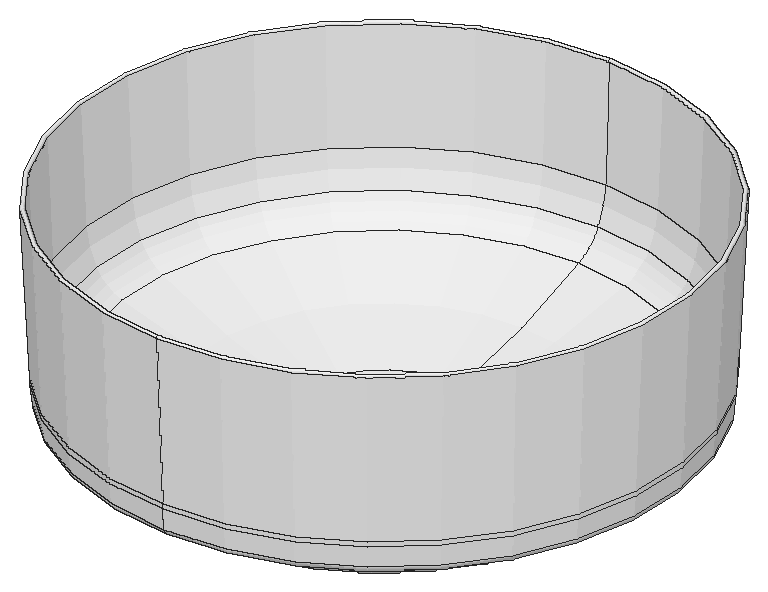
Revit family "Reece_Basin_Roca_Inspira_Above Counter Basin_Round _370 mm", category Plumbing Fixtures, host Face, Revit 2018
Family settings
  Host = Face
  Round Connector Dimension = Use Diameter
  Part Type = Normal
  Cut with Voids When Loaded = No
  Shared = Yes
  Room Calculation Point = Yes
Parameters (values of type "No Taphole_FINECERAMIC_White")
  WFU = 0  # constant formula
  URL = "https://www.reece.com.au/product/-9507158"
  Type Comments = "Basin"
  Reece_Product_Web Page = "https://www.reece.com.au/product/-9507158"
  Reece_Product_Type = "Basin"  # constant formula
  Reece_Product_Sub Brand = "Inspira"  # constant formula
  Reece_Product_Number = "9507158"
  Reece_Product_Mount = "Above Counter"
  Reece_Product_Description = "Roca Inspira Round Above Counter Basin 370mm x 370mm Gloss White"
  Reece_Product_Brand = "Roca"  # constant formula
  Reece_Overall_Width = 370 mm  # constant formula
  Reece_Overall_Length = 370 mm  # constant formula
  Reece_Overall_Height = 140 mm  # constant formula
  Reece_Overall_Capacity = 11.20 L  # constant formula
  Reece_Material-Main = Reece_FINECERAMIC_White
  Reece_Detail_Installation = "Above Counter Basin"  # constant formula
  Reece_Detail_Disclaimer = "THIS FILE IS THE PROPERTY OF THE REECE GROUP. IT MAY NOT BE REPRODUCED, REVERSE-ENGINEERED OR MODIFIED. ANY REPUBLICATION, TRANSMISSION OR DISTRIBUTION FOR THE PURPOSE OF COMMERCIALLY EXPLOITING THE FILES IS PROHIBITED."  # constant formula
  Reece_Detail_Connector = "No Taphole"  # constant formula
  Reece_Detail_Additional = "Round"  # constant formula
  Reece_Basin_Outlet = 46 mm  # constant formula
  Model = "Inspira"
  Manufacturer = "Roca"
  Keynote = "Product #9507158, Reece_Basin_Roca_Inspira_Above Counter Basin_Round _370 mm - No Taphole_FINECERAMIC_White"
  HWFU = 0  # constant formula
  Disclaimer = "THIS FILE IS THE PROPERTY OF THE REECE GROUP. IT MAY NOT BE REPRODUCED, REVERSE-ENGINEERED OR MODIFIED. ANY REPUBLICATION, TRANSMISSION OR DISTRIBUTION FOR THE PURPOSE OF COMMERCIALLY EXPLOITING THE FILES IS PROHIBITED."  # constant formula
  Description = "Roca Inspira Round Above Counter Basin 370mm x 370mm Gloss White"
  Default Elevation = 1000 mm
  CWFU = 0  # constant formula
Types (4, lengths in mm): name | URL | Reece_Product_Web Page | Reece_Product_Number | Reece_Product_Description | Reece_Material-Main | Keynote | Description
  (no name) | "https://www.reece.com.au/product/-1806217" | "https://www.reece.com.au/product/-1806217" | "1806217" | "Roca Inspira Round Above Counter Basin 370mm x 370mm Matte White" | Reece_FINECERAMIC_Matte White | "Product #1806217, Reece_Basin_Roca_Inspira_Above Counter Basin_Round _370 mm -  " | "Roca Inspira Round Above Counter Basin 370mm x 370mm Matte White"
  No Taphole_FINECERAMIC_White | "https://www.reece.com.au/product/-9507158" | "https://www.reece.com.au/product/-9507158" | "9507158" | "Roca Inspira Round Above Counter Basin 370mm x 370mm Gloss White" | Reece_FINECERAMIC_White | "Product #9507158, Reece_Basin_Roca_Inspira_Above Counter Basin_Round _370 mm - No Taphole_FINECERAMIC_White" | "Roca Inspira Round Above Counter Basin 370mm x 370mm Gloss White"
  No Taphole_FINECERAMIC_Matte White | "https://www.reece.com.au/product/-1806217" | "https://www.reece.com.au/product/-1806217" | "1806217" | "Roca Inspira Round Above Counter Basin 370mm x 370mm Matte White" | Reece_FINECERAMIC_Matte White | "Product #1806217, Reece_Basin_Roca_Inspira_Above Counter Basin_Round _370 mm - No Taphole_FINECERAMIC_Matte White" | "Roca Inspira Round Above Counter Basin 370mm x 370mm Matte White"
  No Taphole_FINECERAMIC_Matte Black | "https://www.reece.com.au/product/-1806211" | "https://www.reece.com.au/product/-1806211" | "1806211" | "Roca Inspira Round Above Counter Basin 370mm x 370mm Matte Black" | Reece_FINECERAMIC_Matte Black | "Product #1806211, Reece_Basin_Roca_Inspira_Above Counter Basin_Round _370 mm - No Taphole_FINECERAMIC_Matte Black" | "Roca Inspira Round Above Counter Basin 370mm x 370mm Matte Black"
Reference planes
  plane 1 "Center (Front/Back)": y = -79.125
  plane 2 "Bottom": z = 0
  plane 3 "Center (Left/Right)": x = 0
  plane 4: y = 105.875
  plane 5: x = 185
  plane 6: x = -185
  plane 7: y = -264.125
  plane 8: z = 140
Forms (mm)
  Revolve 1, solid, material "Reece_FINECERAMIC_White" <- "Reece_Material-Main"
    sketch origin (0, 0, 0) x (0, 1, 0) y (0, 0, 1)
      loop
        arc (-35.088, -4.755) -> (-37.793, -12.884) -> (-45.225, -17.144) r 12.015
        arc (-45.225, -17.144) -> (-52.743, -21.171) -> (-56.125, -29) r 12.944
        line (-56.125, -29) -> (-51.908, -29)
        arc (-51.908, -29) -> (-49.547, -23.903) -> (-44.572, -21.293) r 8.744
        arc (-44.572, -21.293) -> (-34.571, -15.579) -> (-30.888, -4.664) r 16.215
        arc (-30.888, -4.664) -> (-30.279, -3.025) -> (-28.689, -2.298) r 2.282
        arc (-28.689, -2.298) -> (-21.763, -1.957) -> (-14.849, -1.423) r 248.956
        arc (-14.849, -1.423) -> (-1.592, 0.141) -> (11.564, 2.405) r 252.201
        arc (11.564, 2.405) -> (16.464, 4.563) -> (21.001, 1.719) r 5.717
        arc (21.001, 1.719) -> (22.26, 0.461) -> (23.979, 0) r 3.439
        line (23.979, 0) -> (59.972, 0)
        arc (59.972, 0) -> (61.334, 0.564) -> (61.898, 1.926) r 1.926
        line (61.898, 1.926) -> (61.898, 7.538)
        arc (61.898, 7.538) -> (62.905, 10.547) -> (65.52, 12.344) r 5
        line (65.52, 12.344) -> (96.008, 21.087)
        arc (96.008, 21.087) -> (98.417, 22.629) -> (99.587, 25.24) r 5
        arc (99.587, 25.24) -> (100.31, 31.39) -> (100.862, 37.557) r 222.161
        arc (100.862, 37.557) -> (100.981, 39.066) -> (101.111, 40.574) r 222
        arc (101.111, 40.574) -> (104.484, 89.625) -> (105.866, 138.773) r 1212.391
        arc (105.866, 138.773) -> (104.675, 139.977) -> (103.477, 138.78) r 1.195
        arc (103.477, 138.78) -> (102.762, 103.743) -> (100.452, 68.775) r 769.264
        arc (100.452, 68.775) -> (98.392, 57.566) -> (94.294, 46.933) r 61.338
        arc (94.294, 46.933) -> (87.892, 38.263) -> (78.903, 32.319) r 30.911
        arc (78.903, 32.319) -> (32.611, 15.331) -> (-15.322, 3.755) r 430.005
        arc (-15.322, 3.755) -> (-21.324, 3.011) -> (-27.373, 2.945) r 53.811
        arc (-27.373, 2.945) -> (-32.926, 0.794) -> (-35.088, -4.755) r 7.388
      axis (-79.125, 138.78) -> (-79.125, -29)
    angle from 0 to 360
  Extrusion 2, void
    sketch origin (0, 0, 0) x (1, 0, 0) y (0, 1, 0)
      loop
        circle (0, -79.125) r 60
    from -29 to 26.101
  Revolve 3, solid, material "Reece_FINECERAMIC_White" <- "Reece_Material-Main"
    sketch origin (0, -79.125, 0) x (1, 0, 0) y (0, 0, 1)
      loop
        line (0, -3.19) -> (0, 4.096)
        arc (0, 4.096) -> (-20.867, 3.884) -> (-41.718, 3.037) r 685.858
        line (-41.718, 3.037) -> (-41.718, -3.19) -> (-38.3, -3.19) -> (-36.59, -7.888) -> (-31.59, -7.888) -> (-31.59, -3.19) -> (0, -3.19)
      axis (0, 4.096) -> (0, -7.888)
    angle from 0 to 360
Lines and regions (mm)
  symbolic lines, style "PlumbingFixtures"
    curve 1: circle (0, -79.125, 0) r 160 normal (0, 0, 1)
Text (mm)
  text "Reece Copyright © 2018, Reece Ltd." at (-902.343, -740.328, 0), in view "Ref. Level"
  text "Reece ©" at (44.384, 258.95, 192.345), in view "Reece Preview"
Dimensions and locks
  equal spacing: plane 6, plane 3 "Center (Left/Right)", plane 5
  "Reece_Overall_Width": plane 6 to plane 5
  "Reece_Overall_Length": plane 4 to plane 7
  equal spacing: plane 4, plane 1 "Center (Front/Back)", plane 7
  "Reece_Overall_Height": plane 8 to host face
  plane 8 to Revolve 1 = 169 mm
  "Reece_Overall_Width": plane 6 to plane 8
  "Reece_Overall_Length": plane 4 to plane 8
  plane 8 to host face = 140 mm
  aligned and locked: host face to plane 2 "Bottom"
  aligned and locked: level to host face
Automatic sketch dimensions
  host sketch curve to host sketch curve = 801.051 mm
  host sketch curve to host sketch curve = 660.299 mm
  plane 1 "Center (Front/Back)" to Extrusion 2 sketch curve = 0 mm
  Extrusion 2 sketch curve to plane 3 "Center (Left/Right)" = 0 mm
  Revolve 1 sketch curve to Revolve 1 sketch curve = 0 mm  (x19)
  Revolve 1 sketch curve to plane 1 "Center (Front/Back)" = 0 mm
  Revolve 1 sketch curve to level = 0 mm
  plane 1 "Center (Front/Back)" to Revolve 1 sketch curve = 13.01 mm
  plane 1 "Center (Front/Back)" to Revolve 1 sketch curve = 41.544 mm
  Revolve 1 sketch curve to plane 8 = 3.049 mm
  plane 7 to Revolve 1 sketch curve = 401.66 mm
  plane 8 to Revolve 1 sketch curve = 8.271 mm
  Revolve 1 sketch curve to Revolve 1 sketch curve = 440.702 mm
  Revolve 1 sketch curve to plane 1 "Center (Front/Back)" = 23 mm
  Revolve 1 sketch curve to Revolve 1 sketch curve = 4.216 mm
  Revolve 1 sketch curve to level = 5.276 mm
  Revolve 1 sketch curve to Revolve 1 sketch curve = 4.817 mm
  Revolve 1 sketch curve to Revolve 1 sketch curve = 8.695 mm
  Revolve 1 sketch curve to plane 1 "Center (Front/Back)" = 41.363 mm
  Revolve 1 sketch curve to Revolve 1 sketch curve = 0.295 mm
  Revolve 1 sketch curve to level = 4.578 mm
  Revolve 1 sketch curve to Revolve 1 sketch curve = 18.483 mm
  Revolve 1 sketch curve to Revolve 1 sketch curve = 0.901 mm
  Revolve 1 sketch curve to plane 1 "Center (Front/Back)" = 54.19 mm
  Revolve 1 sketch curve to level = 1.139 mm
  Revolve 1 sketch curve to Revolve 1 sketch curve = 43.757 mm
  Revolve 1 sketch curve to Revolve 1 sketch curve = 7.929 mm
  Revolve 1 sketch curve to plane 4 = 66.52 mm
  Revolve 1 sketch curve to Revolve 1 sketch curve = 35.993 mm
  Revolve 1 sketch curve to Revolve 1 sketch curve = 1.926 mm
  level to Revolve 1 sketch curve = 12.344 mm
  Revolve 1 sketch curve to Revolve 1 sketch curve = 3.622 mm
  Revolve 1 sketch curve to Revolve 1 sketch curve = 27.252 mm
  Revolve 1 sketch curve to Revolve 1 sketch curve = 5 mm
  Revolve 1 sketch curve to plane 4 = 11.246 mm
  Revolve 1 sketch curve to Revolve 1 sketch curve = 1.378 mm
  Revolve 1 sketch curve to plane 4 = 1.204 mm
  level to Revolve 1 sketch curve = 20.853 mm
  plane 4 to Revolve 1 sketch curve = 216.358 mm
  Revolve 1 sketch curve to Revolve 1 sketch curve = 23.724 mm
  Revolve 1 sketch curve to Revolve 1 sketch curve = 0.932 mm
  Revolve 1 sketch curve to Revolve 1 sketch curve = 0.143 mm
  Revolve 1 sketch curve to Revolve 1 sketch curve = 3.439 mm
  level to Revolve 1 sketch curve = 21.087 mm
  Revolve 1 sketch curve to Revolve 1 sketch curve = 4.806 mm
  level to Revolve 1 sketch curve = 54.273 mm
  level to Revolve 1 sketch curve = 56.701 mm
  Revolve 1 sketch curve to Revolve 1 sketch curve = 34.786 mm
  Revolve 1 sketch curve to Revolve 1 sketch curve = 13.531 mm
  Revolve 1 sketch curve to plane 8 = 1.217 mm
  plane 8 to Revolve 1 sketch curve = 106.503 mm
  Revolve 1 sketch curve to Revolve 1 sketch curve = 3.232 mm
  Revolve 1 sketch curve to Revolve 1 sketch curve = 177.109 mm
  level to Revolve 1 sketch curve = 2.405 mm
  Revolve 1 sketch curve to Revolve 1 sketch curve = 26 mm
  plane 8 to Revolve 1 sketch curve = 40 mm
  Revolve 3 sketch curve to plane 3 "Center (Left/Right)" = 0 mm  (x2)
  Revolve 3 sketch curve to plane 3 "Center (Left/Right)" = 3.459 mm
  Revolve 3 sketch curve to level = 7.888 mm
  Revolve 3 sketch curve to plane 3 "Center (Left/Right)" = 31.59 mm
  Revolve 3 sketch curve to Revolve 3 sketch curve = 5 mm
  Revolve 3 sketch curve to Revolve 3 sketch curve = 1.71 mm
  Revolve 3 sketch curve to Revolve 3 sketch curve = 3.418 mm
  Revolve 3 sketch curve to Revolve 3 sketch curve = 673.865 mm
  Revolve 3 sketch curve to level = 3.19 mm  (x2)
  level to Revolve 3 sketch curve = 3.037 mm
  Revolve 3 sketch curve to Revolve 3 sketch curve = 0 mm  (x2)
  plane 1 "Center (Front/Back)" to curve 1 = 0 mm
  curve 1 to plane 3 "Center (Left/Right)" = 0 mm
  radius of Extrusion 2 sketch curve = 60 mm
  radius of curve 1 = 160 mm
Connectors
  piping at (0, -79.125, -29), diameter 46, driven by "Reece_Basin_Outlet"
    settings: on Revolve 1, index 1, connector inside diameter 609.6 mm, connector length 0 mm, flow factor 0, pipe flow 0.0 L/s, pressure drop 0.0 Pa, fitting loss kfactor 0, connector angle 0.00°, fixture units 0, engagement length 0 mm, angle of deflection 0.00°, flow configuration 0, flow direction 2, fitting loss method 0, system type 16, joint type 0, gender type 0, connector reference index -1, connector utility 0, adjustable connector no, is connector primary yes, connector description ""
